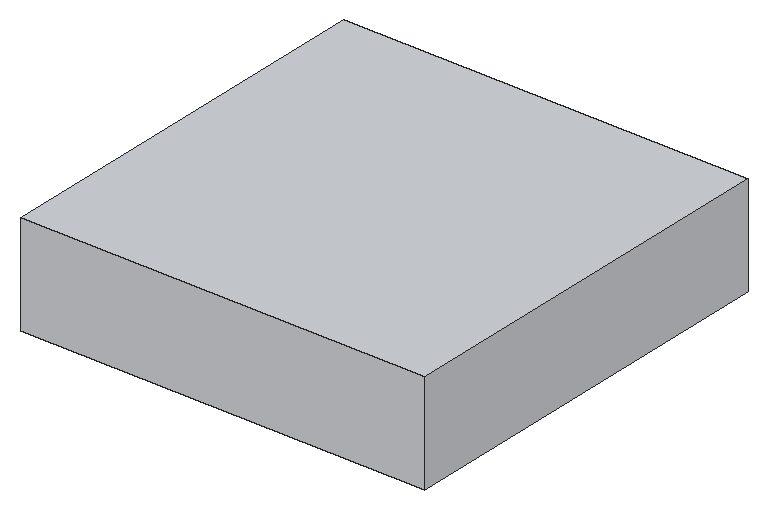
Revit family "Family2", category Generic Models, Revit 2017
Family settings
  Can host rebar = No
  Round Connector Dimension = Use Diameter
  Part Type = Normal
  Work Plane-Based = No
  Always vertical = Yes
  Cut with Voids When Loaded = No
  Shared = No
  Room Calculation Point = No
Parameters
  d = 3000 mm
  c = 3000 mm
  b = 1000 mm
  a = 1000 mm
Reference planes
  plane 1 "Center (Front/Back)": y = 0
  plane 2: z = 0
  plane 3 "Center (Left/Right)": x = 0
Forms (mm)
  Extrusion 1, solid
    sketch origin (0, 0, 0) x (1, 0, 0) y (0, 1, 0)
      loop
        line (2000, 3000) -> (2000, 2000) -> (3000, 2000) -> (3000, 3000) -> (2000, 3000)
    from 0 to 250
Dimensions and locks
  "c": plane 3 "Center (Left/Right)" to Extrusion 1
  "b": Extrusion 1 to Extrusion 1
  "a": Extrusion 1 to Extrusion 1
  "d": Extrusion 1 to plane 1 "Center (Front/Back)"
  aligned and locked: level to plane 2
Automatic sketch dimensions
  Extrusion 1 sketch curve to plane 1 "Center (Front/Back)" = 2000 mm
  plane 3 "Center (Left/Right)" to Extrusion 1 sketch curve = 2000 mm
  Extrusion 1 sketch curve to Extrusion 1 sketch curve = 1000 mm  (x2)
